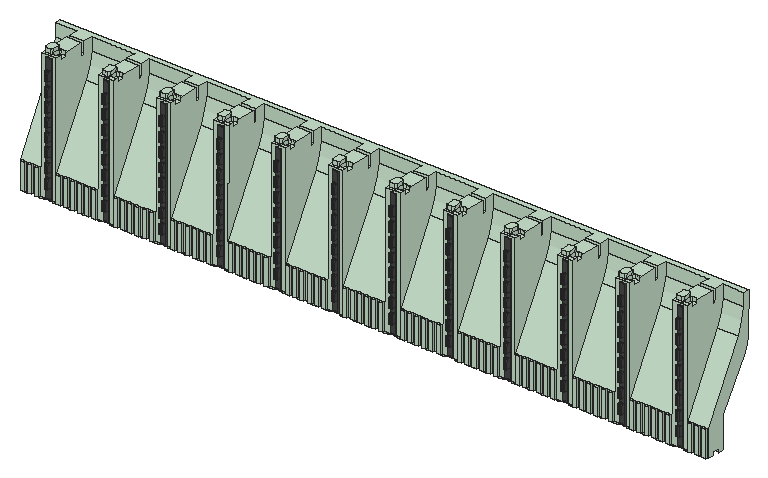
Revit family
Reference planes
  plane 1 "Center (Front/Back)": y = 0
  plane 2: z = 0
  plane 3 "Center (Left/Right)": x = 0
Forms (mm)
  Extrusion 1, void
    sketch origin (2387.6, 0, 0) x (-1, 0, 0) y (0, -1, 0)
      loop
        arc (25.4, -124.411) -> (26.615, -128.147) -> (29.796, -130.453) r 6.35
        arc (29.796, -130.453) -> (38.1, -131.763) -> (46.404, -130.453) r 26.987
        arc (46.404, -130.453) -> (49.585, -128.147) -> (50.8, -124.411) r 6.35
        line (50.8, -124.411) -> (50.8, -101.014)
        arc (50.8, -101.014) -> (50.362, -98.696) -> (49.108, -96.698) r 6.35
        arc (49.108, -96.698) -> (48.795, -96.199) -> (48.685, -95.62) r 1.588
        line (48.685, -95.62) -> (48.685, -86.829) -> (44.346, -86.829) -> (44.346, -92.457)
        arc (44.346, -92.457) -> (43.786, -93.668) -> (42.5, -94.024) r 1.587
        arc (42.5, -94.024) -> (36.091, -93.737) -> (29.796, -94.972) r 26.988
        arc (29.796, -94.972) -> (26.615, -97.278) -> (25.4, -101.014) r 6.35
        line (25.4, -101.014) -> (25.4, -124.411)
    from 457.2 to 444.5
  Extrusion 2, void
    sketch origin (2184.4, 0, 0) x (-1, 0, 0) y (0, -1, 0)
      loop
        arc (25.4, -124.411) -> (26.615, -128.147) -> (29.796, -130.453) r 6.35
        arc (29.796, -130.453) -> (38.1, -131.763) -> (46.404, -130.453) r 26.987
        arc (46.404, -130.453) -> (49.585, -128.147) -> (50.8, -124.411) r 6.35
        line (50.8, -124.411) -> (50.8, -101.014)
        arc (50.8, -101.014) -> (50.362, -98.696) -> (49.108, -96.698) r 6.35
        arc (49.108, -96.698) -> (48.795, -96.199) -> (48.685, -95.62) r 1.588
        line (48.685, -95.62) -> (48.685, -86.829) -> (44.346, -86.829) -> (44.346, -92.457)
        arc (44.346, -92.457) -> (43.786, -93.668) -> (42.5, -94.024) r 1.587
        arc (42.5, -94.024) -> (36.091, -93.737) -> (29.796, -94.972) r 26.988
        arc (29.796, -94.972) -> (26.615, -97.278) -> (25.4, -101.014) r 6.35
        line (25.4, -101.014) -> (25.4, -124.411)
    from 457.2 to 444.5
  Extrusion 3, void
    sketch origin (1981.2, 0, 0) x (-1, 0, 0) y (0, -1, 0)
      loop
        arc (25.4, -124.411) -> (26.615, -128.147) -> (29.796, -130.453) r 6.35
        arc (29.796, -130.453) -> (38.1, -131.763) -> (46.404, -130.453) r 26.987
        arc (46.404, -130.453) -> (49.585, -128.147) -> (50.8, -124.411) r 6.35
        line (50.8, -124.411) -> (50.8, -101.014)
        arc (50.8, -101.014) -> (50.362, -98.696) -> (49.108, -96.698) r 6.35
        arc (49.108, -96.698) -> (48.795, -96.199) -> (48.685, -95.62) r 1.588
        line (48.685, -95.62) -> (48.685, -86.829) -> (44.346, -86.829) -> (44.346, -92.457)
        arc (44.346, -92.457) -> (43.786, -93.668) -> (42.5, -94.024) r 1.587
        arc (42.5, -94.024) -> (36.091, -93.737) -> (29.796, -94.972) r 26.988
        arc (29.796, -94.972) -> (26.615, -97.278) -> (25.4, -101.014) r 6.35
        line (25.4, -101.014) -> (25.4, -124.411)
    from 457.2 to 444.5
  Extrusion 4, void
    sketch origin (1778, 0, 0) x (-1, 0, 0) y (0, -1, 0)
      loop
        arc (25.4, -124.411) -> (26.615, -128.147) -> (29.796, -130.453) r 6.35
        arc (29.796, -130.453) -> (38.1, -131.763) -> (46.404, -130.453) r 26.987
        arc (46.404, -130.453) -> (49.585, -128.147) -> (50.8, -124.411) r 6.35
        line (50.8, -124.411) -> (50.8, -101.014)
        arc (50.8, -101.014) -> (50.362, -98.696) -> (49.108, -96.698) r 6.35
        arc (49.108, -96.698) -> (48.795, -96.199) -> (48.685, -95.62) r 1.588
        line (48.685, -95.62) -> (48.685, -86.829) -> (44.346, -86.829) -> (44.346, -92.457)
        arc (44.346, -92.457) -> (43.786, -93.668) -> (42.5, -94.024) r 1.587
        arc (42.5, -94.024) -> (36.091, -93.737) -> (29.796, -94.972) r 26.988
        arc (29.796, -94.972) -> (26.615, -97.278) -> (25.4, -101.014) r 6.35
        line (25.4, -101.014) -> (25.4, -124.411)
    from 457.2 to 444.5
  Extrusion 5, void
    sketch origin (1574.8, 0, 0) x (-1, 0, 0) y (0, -1, 0)
      loop
        arc (25.4, -124.411) -> (26.615, -128.147) -> (29.796, -130.453) r 6.35
        arc (29.796, -130.453) -> (38.1, -131.763) -> (46.404, -130.453) r 26.987
        arc (46.404, -130.453) -> (49.585, -128.147) -> (50.8, -124.411) r 6.35
        line (50.8, -124.411) -> (50.8, -101.014)
        arc (50.8, -101.014) -> (50.362, -98.696) -> (49.108, -96.698) r 6.35
        arc (49.108, -96.698) -> (48.795, -96.199) -> (48.685, -95.62) r 1.588
        line (48.685, -95.62) -> (48.685, -86.829) -> (44.346, -86.829) -> (44.346, -92.457)
        arc (44.346, -92.457) -> (43.786, -93.668) -> (42.5, -94.024) r 1.587
        arc (42.5, -94.024) -> (36.091, -93.737) -> (29.796, -94.972) r 26.988
        arc (29.796, -94.972) -> (26.615, -97.278) -> (25.4, -101.014) r 6.35
        line (25.4, -101.014) -> (25.4, -124.411)
    from 457.2 to 444.5
  Extrusion 6, void
    sketch origin (1371.6, 0, 0) x (-1, 0, 0) y (0, -1, 0)
      loop
        arc (25.4, -124.411) -> (26.615, -128.147) -> (29.796, -130.453) r 6.35
        arc (29.796, -130.453) -> (38.1, -131.763) -> (46.404, -130.453) r 26.987
        arc (46.404, -130.453) -> (49.585, -128.147) -> (50.8, -124.411) r 6.35
        line (50.8, -124.411) -> (50.8, -101.014)
        arc (50.8, -101.014) -> (50.362, -98.696) -> (49.108, -96.698) r 6.35
        arc (49.108, -96.698) -> (48.795, -96.199) -> (48.685, -95.62) r 1.588
        line (48.685, -95.62) -> (48.685, -86.829) -> (44.346, -86.829) -> (44.346, -92.457)
        arc (44.346, -92.457) -> (43.786, -93.668) -> (42.5, -94.024) r 1.587
        arc (42.5, -94.024) -> (36.091, -93.737) -> (29.796, -94.972) r 26.988
        arc (29.796, -94.972) -> (26.615, -97.278) -> (25.4, -101.014) r 6.35
        line (25.4, -101.014) -> (25.4, -124.411)
    from 457.2 to 444.5
  Extrusion 7, void
    sketch origin (1168.4, 0, 0) x (-1, 0, 0) y (0, -1, 0)
      loop
        arc (25.4, -124.411) -> (26.615, -128.147) -> (29.796, -130.453) r 6.35
        arc (29.796, -130.453) -> (38.1, -131.763) -> (46.404, -130.453) r 26.987
        arc (46.404, -130.453) -> (49.585, -128.147) -> (50.8, -124.411) r 6.35
        line (50.8, -124.411) -> (50.8, -101.014)
        arc (50.8, -101.014) -> (50.362, -98.696) -> (49.108, -96.698) r 6.35
        arc (49.108, -96.698) -> (48.795, -96.199) -> (48.685, -95.62) r 1.588
        line (48.685, -95.62) -> (48.685, -86.829) -> (44.346, -86.829) -> (44.346, -92.457)
        arc (44.346, -92.457) -> (43.786, -93.668) -> (42.5, -94.024) r 1.587
        arc (42.5, -94.024) -> (36.091, -93.737) -> (29.796, -94.972) r 26.988
        arc (29.796, -94.972) -> (26.615, -97.278) -> (25.4, -101.014) r 6.35
        line (25.4, -101.014) -> (25.4, -124.411)
    from 457.2 to 444.5
  Extrusion 8, void
    sketch origin (965.2, 0, 0) x (-1, 0, 0) y (0, -1, 0)
      loop
        arc (25.4, -124.411) -> (26.615, -128.147) -> (29.796, -130.453) r 6.35
        arc (29.796, -130.453) -> (38.1, -131.763) -> (46.404, -130.453) r 26.987
        arc (46.404, -130.453) -> (49.585, -128.147) -> (50.8, -124.411) r 6.35
        line (50.8, -124.411) -> (50.8, -101.014)
        arc (50.8, -101.014) -> (50.362, -98.696) -> (49.108, -96.698) r 6.35
        arc (49.108, -96.698) -> (48.795, -96.199) -> (48.685, -95.62) r 1.588
        line (48.685, -95.62) -> (48.685, -86.829) -> (44.346, -86.829) -> (44.346, -92.457)
        arc (44.346, -92.457) -> (43.786, -93.668) -> (42.5, -94.024) r 1.587
        arc (42.5, -94.024) -> (36.091, -93.737) -> (29.796, -94.972) r 26.988
        arc (29.796, -94.972) -> (26.615, -97.278) -> (25.4, -101.014) r 6.35
        line (25.4, -101.014) -> (25.4, -124.411)
    from 457.2 to 444.5
  Extrusion 9, void
    sketch origin (762, 0, 0) x (-1, 0, 0) y (0, -1, 0)
      loop
        arc (25.4, -124.411) -> (26.615, -128.147) -> (29.796, -130.453) r 6.35
        arc (29.796, -130.453) -> (38.1, -131.763) -> (46.404, -130.453) r 26.987
        arc (46.404, -130.453) -> (49.585, -128.147) -> (50.8, -124.411) r 6.35
        line (50.8, -124.411) -> (50.8, -101.014)
        arc (50.8, -101.014) -> (50.362, -98.696) -> (49.108, -96.698) r 6.35
        arc (49.108, -96.698) -> (48.795, -96.199) -> (48.685, -95.62) r 1.588
        line (48.685, -95.62) -> (48.685, -86.829) -> (44.346, -86.829) -> (44.346, -92.457)
        arc (44.346, -92.457) -> (43.786, -93.668) -> (42.5, -94.024) r 1.587
        arc (42.5, -94.024) -> (36.091, -93.737) -> (29.796, -94.972) r 26.988
        arc (29.796, -94.972) -> (26.615, -97.278) -> (25.4, -101.014) r 6.35
        line (25.4, -101.014) -> (25.4, -124.411)
    from 457.2 to 444.5
  Extrusion 10, void
    sketch origin (558.8, 0, 0) x (-1, 0, 0) y (0, -1, 0)
      loop
        arc (25.4, -124.411) -> (26.615, -128.147) -> (29.796, -130.453) r 6.35
        arc (29.796, -130.453) -> (38.1, -131.763) -> (46.404, -130.453) r 26.987
        arc (46.404, -130.453) -> (49.585, -128.147) -> (50.8, -124.411) r 6.35
        line (50.8, -124.411) -> (50.8, -101.014)
        arc (50.8, -101.014) -> (50.362, -98.696) -> (49.108, -96.698) r 6.35
        arc (49.108, -96.698) -> (48.795, -96.199) -> (48.685, -95.62) r 1.588
        line (48.685, -95.62) -> (48.685, -86.829) -> (44.346, -86.829) -> (44.346, -92.457)
        arc (44.346, -92.457) -> (43.786, -93.668) -> (42.5, -94.024) r 1.587
        arc (42.5, -94.024) -> (36.091, -93.737) -> (29.796, -94.972) r 26.988
        arc (29.796, -94.972) -> (26.615, -97.278) -> (25.4, -101.014) r 6.35
        line (25.4, -101.014) -> (25.4, -124.411)
    from 457.2 to 444.5
  Extrusion 11, void
    sketch origin (355.6, 0, 0) x (-1, 0, 0) y (0, -1, 0)
      loop
        arc (25.4, -124.411) -> (26.615, -128.147) -> (29.796, -130.453) r 6.35
        arc (29.796, -130.453) -> (38.1, -131.763) -> (46.404, -130.453) r 26.987
        arc (46.404, -130.453) -> (49.585, -128.147) -> (50.8, -124.411) r 6.35
        line (50.8, -124.411) -> (50.8, -101.014)
        arc (50.8, -101.014) -> (50.362, -98.696) -> (49.108, -96.698) r 6.35
        arc (49.108, -96.698) -> (48.795, -96.199) -> (48.685, -95.62) r 1.588
        line (48.685, -95.62) -> (48.685, -86.829) -> (44.346, -86.829) -> (44.346, -92.457)
        arc (44.346, -92.457) -> (43.786, -93.668) -> (42.5, -94.024) r 1.587
        arc (42.5, -94.024) -> (36.091, -93.737) -> (29.796, -94.972) r 26.988
        arc (29.796, -94.972) -> (26.615, -97.278) -> (25.4, -101.014) r 6.35
        line (25.4, -101.014) -> (25.4, -124.411)
    from 457.2 to 444.5
  Extrusion 12, void
    sketch origin (152.4, 0, 0) x (-1, 0, 0) y (0, -1, 0)
      loop
        arc (25.4, -124.411) -> (26.615, -128.147) -> (29.796, -130.453) r 6.35
        arc (29.796, -130.453) -> (38.1, -131.763) -> (46.404, -130.453) r 26.987
        arc (46.404, -130.453) -> (49.585, -128.147) -> (50.8, -124.411) r 6.35
        line (50.8, -124.411) -> (50.8, -101.014)
        arc (50.8, -101.014) -> (50.362, -98.696) -> (49.108, -96.698) r 6.35
        arc (49.108, -96.698) -> (48.795, -96.199) -> (48.685, -95.62) r 1.588
        line (48.685, -95.62) -> (48.685, -86.829) -> (44.346, -86.829) -> (44.346, -92.457)
        arc (44.346, -92.457) -> (43.786, -93.668) -> (42.5, -94.024) r 1.587
        arc (42.5, -94.024) -> (36.091, -93.737) -> (29.796, -94.972) r 26.988
        arc (29.796, -94.972) -> (26.615, -97.278) -> (25.4, -101.014) r 6.35
        line (25.4, -101.014) -> (25.4, -124.411)
    from 457.2 to 444.5
  Extrusion 13, void
    sketch origin (2387.6, 0, 0) x (1, 0, 0) y (0, 1, 0)
      loop
        line (25.4, 124.411) -> (25.4, 101.014)
        arc (25.4, 101.014) -> (26.615, 97.278) -> (29.796, 94.972) r 6.35
        arc (29.796, 94.972) -> (36.091, 93.737) -> (42.5, 94.024) r 26.988
        arc (42.5, 94.024) -> (43.786, 93.668) -> (44.346, 92.457) r 1.587
        line (44.346, 92.457) -> (44.346, 86.829) -> (48.685, 86.829) -> (48.685, 95.62)
        arc (48.685, 95.62) -> (48.795, 96.199) -> (49.108, 96.698) r 1.588
        arc (49.108, 96.698) -> (50.362, 98.696) -> (50.8, 101.014) r 6.35
        line (50.8, 101.014) -> (50.8, 124.411)
        arc (50.8, 124.411) -> (49.585, 128.147) -> (46.404, 130.453) r 6.35
        arc (46.404, 130.453) -> (38.1, 131.763) -> (29.796, 130.453) r 26.987
        arc (29.796, 130.453) -> (26.615, 128.147) -> (25.4, 124.411) r 6.35
    from 0 to 12.7
  Extrusion 14, void
    sketch origin (2336.8, 0, 0) x (1, 0, 0) y (0, 1, 0)
      loop
        line (25.4, 124.411) -> (25.4, 101.014)
        arc (25.4, 101.014) -> (26.615, 97.278) -> (29.796, 94.972) r 6.35
        arc (29.796, 94.972) -> (36.091, 93.737) -> (42.5, 94.024) r 26.988
        arc (42.5, 94.024) -> (43.786, 93.668) -> (44.346, 92.457) r 1.587
        line (44.346, 92.457) -> (44.346, 86.829) -> (48.685, 86.829) -> (48.685, 95.62)
        arc (48.685, 95.62) -> (48.795, 96.199) -> (49.108, 96.698) r 1.588
        arc (49.108, 96.698) -> (50.362, 98.696) -> (50.8, 101.014) r 6.35
        line (50.8, 101.014) -> (50.8, 124.411)
        arc (50.8, 124.411) -> (49.585, 128.147) -> (46.404, 130.453) r 6.35
        arc (46.404, 130.453) -> (38.1, 131.763) -> (29.796, 130.453) r 26.987
        arc (29.796, 130.453) -> (26.615, 128.147) -> (25.4, 124.411) r 6.35
    from 0 to 12.7
  Extrusion 15, void
    sketch origin (2286, 0, 0) x (1, 0, 0) y (0, 1, 0)
      loop
        line (25.4, 124.411) -> (25.4, 101.014)
        arc (25.4, 101.014) -> (26.615, 97.278) -> (29.796, 94.972) r 6.35
        arc (29.796, 94.972) -> (36.091, 93.737) -> (42.5, 94.024) r 26.988
        arc (42.5, 94.024) -> (43.786, 93.668) -> (44.346, 92.457) r 1.587
        line (44.346, 92.457) -> (44.346, 86.829) -> (48.685, 86.829) -> (48.685, 95.62)
        arc (48.685, 95.62) -> (48.795, 96.199) -> (49.108, 96.698) r 1.588
        arc (49.108, 96.698) -> (50.362, 98.696) -> (50.8, 101.014) r 6.35
        line (50.8, 101.014) -> (50.8, 124.411)
        arc (50.8, 124.411) -> (49.585, 128.147) -> (46.404, 130.453) r 6.35
        arc (46.404, 130.453) -> (38.1, 131.763) -> (29.796, 130.453) r 26.987
        arc (29.796, 130.453) -> (26.615, 128.147) -> (25.4, 124.411) r 6.35
    from 0 to 12.7
  Extrusion 16, void
    sketch origin (2235.2, 0, 0) x (1, 0, 0) y (0, 1, 0)
      loop
        line (25.4, 124.411) -> (25.4, 101.014)
        arc (25.4, 101.014) -> (26.615, 97.278) -> (29.796, 94.972) r 6.35
        arc (29.796, 94.972) -> (36.091, 93.737) -> (42.5, 94.024) r 26.988
        arc (42.5, 94.024) -> (43.786, 93.668) -> (44.346, 92.457) r 1.587
        line (44.346, 92.457) -> (44.346, 86.829) -> (48.685, 86.829) -> (48.685, 95.62)
        arc (48.685, 95.62) -> (48.795, 96.199) -> (49.108, 96.698) r 1.588
        arc (49.108, 96.698) -> (50.362, 98.696) -> (50.8, 101.014) r 6.35
        line (50.8, 101.014) -> (50.8, 124.411)
        arc (50.8, 124.411) -> (49.585, 128.147) -> (46.404, 130.453) r 6.35
        arc (46.404, 130.453) -> (38.1, 131.763) -> (29.796, 130.453) r 26.987
        arc (29.796, 130.453) -> (26.615, 128.147) -> (25.4, 124.411) r 6.35
    from 0 to 12.7
  Extrusion 17, void
    sketch origin (2184.4, 0, 0) x (1, 0, 0) y (0, 1, 0)
      loop
        line (25.4, 124.411) -> (25.4, 101.014)
        arc (25.4, 101.014) -> (26.615, 97.278) -> (29.796, 94.972) r 6.35
        arc (29.796, 94.972) -> (36.091, 93.737) -> (42.5, 94.024) r 26.988
        arc (42.5, 94.024) -> (43.786, 93.668) -> (44.346, 92.457) r 1.587
        line (44.346, 92.457) -> (44.346, 86.829) -> (48.685, 86.829) -> (48.685, 95.62)
        arc (48.685, 95.62) -> (48.795, 96.199) -> (49.108, 96.698) r 1.588
        arc (49.108, 96.698) -> (50.362, 98.696) -> (50.8, 101.014) r 6.35
        line (50.8, 101.014) -> (50.8, 124.411)
        arc (50.8, 124.411) -> (49.585, 128.147) -> (46.404, 130.453) r 6.35
        arc (46.404, 130.453) -> (38.1, 131.763) -> (29.796, 130.453) r 26.987
        arc (29.796, 130.453) -> (26.615, 128.147) -> (25.4, 124.411) r 6.35
    from 0 to 12.7
  Extrusion 18, void
    sketch origin (2133.6, 0, 0) x (1, 0, 0) y (0, 1, 0)
      loop
        line (25.4, 124.411) -> (25.4, 101.014)
        arc (25.4, 101.014) -> (26.615, 97.278) -> (29.796, 94.972) r 6.35
        arc (29.796, 94.972) -> (36.091, 93.737) -> (42.5, 94.024) r 26.988
        arc (42.5, 94.024) -> (43.786, 93.668) -> (44.346, 92.457) r 1.587
        line (44.346, 92.457) -> (44.346, 86.829) -> (48.685, 86.829) -> (48.685, 95.62)
        arc (48.685, 95.62) -> (48.795, 96.199) -> (49.108, 96.698) r 1.588
        arc (49.108, 96.698) -> (50.362, 98.696) -> (50.8, 101.014) r 6.35
        line (50.8, 101.014) -> (50.8, 124.411)
        arc (50.8, 124.411) -> (49.585, 128.147) -> (46.404, 130.453) r 6.35
        arc (46.404, 130.453) -> (38.1, 131.763) -> (29.796, 130.453) r 26.987
        arc (29.796, 130.453) -> (26.615, 128.147) -> (25.4, 124.411) r 6.35
    from 0 to 12.7
  Extrusion 19, void
    sketch origin (2082.8, 0, 0) x (1, 0, 0) y (0, 1, 0)
      loop
        line (25.4, 124.411) -> (25.4, 101.014)
        arc (25.4, 101.014) -> (26.615, 97.278) -> (29.796, 94.972) r 6.35
        arc (29.796, 94.972) -> (36.091, 93.737) -> (42.5, 94.024) r 26.988
        arc (42.5, 94.024) -> (43.786, 93.668) -> (44.346, 92.457) r 1.587
        line (44.346, 92.457) -> (44.346, 86.829) -> (48.685, 86.829) -> (48.685, 95.62)
        arc (48.685, 95.62) -> (48.795, 96.199) -> (49.108, 96.698) r 1.588
        arc (49.108, 96.698) -> (50.362, 98.696) -> (50.8, 101.014) r 6.35
        line (50.8, 101.014) -> (50.8, 124.411)
        arc (50.8, 124.411) -> (49.585, 128.147) -> (46.404, 130.453) r 6.35
        arc (46.404, 130.453) -> (38.1, 131.763) -> (29.796, 130.453) r 26.987
        arc (29.796, 130.453) -> (26.615, 128.147) -> (25.4, 124.411) r 6.35
    from 0 to 12.7
  Extrusion 20, void
    sketch origin (2032, 0, 0) x (1, 0, 0) y (0, 1, 0)
      loop
        line (25.4, 124.411) -> (25.4, 101.014)
        arc (25.4, 101.014) -> (26.615, 97.278) -> (29.796, 94.972) r 6.35
        arc (29.796, 94.972) -> (36.091, 93.737) -> (42.5, 94.024) r 26.988
        arc (42.5, 94.024) -> (43.786, 93.668) -> (44.346, 92.457) r 1.587
        line (44.346, 92.457) -> (44.346, 86.829) -> (48.685, 86.829) -> (48.685, 95.62)
        arc (48.685, 95.62) -> (48.795, 96.199) -> (49.108, 96.698) r 1.588
        arc (49.108, 96.698) -> (50.362, 98.696) -> (50.8, 101.014) r 6.35
        line (50.8, 101.014) -> (50.8, 124.411)
        arc (50.8, 124.411) -> (49.585, 128.147) -> (46.404, 130.453) r 6.35
        arc (46.404, 130.453) -> (38.1, 131.763) -> (29.796, 130.453) r 26.987
        arc (29.796, 130.453) -> (26.615, 128.147) -> (25.4, 124.411) r 6.35
    from 0 to 12.7
  Extrusion 21, void
    sketch origin (1981.2, 0, 0) x (1, 0, 0) y (0, 1, 0)
      loop
        line (25.4, 124.411) -> (25.4, 101.014)
        arc (25.4, 101.014) -> (26.615, 97.278) -> (29.796, 94.972) r 6.35
        arc (29.796, 94.972) -> (36.091, 93.737) -> (42.5, 94.024) r 26.988
        arc (42.5, 94.024) -> (43.786, 93.668) -> (44.346, 92.457) r 1.587
        line (44.346, 92.457) -> (44.346, 86.829) -> (48.685, 86.829) -> (48.685, 95.62)
        arc (48.685, 95.62) -> (48.795, 96.199) -> (49.108, 96.698) r 1.588
        arc (49.108, 96.698) -> (50.362, 98.696) -> (50.8, 101.014) r 6.35
        line (50.8, 101.014) -> (50.8, 124.411)
        arc (50.8, 124.411) -> (49.585, 128.147) -> (46.404, 130.453) r 6.35
        arc (46.404, 130.453) -> (38.1, 131.763) -> (29.796, 130.453) r 26.987
        arc (29.796, 130.453) -> (26.615, 128.147) -> (25.4, 124.411) r 6.35
    from 0 to 12.7
  Extrusion 22, void
    sketch origin (1930.4, 0, 0) x (1, 0, 0) y (0, 1, 0)
      loop
        line (25.4, 124.411) -> (25.4, 101.014)
        arc (25.4, 101.014) -> (26.615, 97.278) -> (29.796, 94.972) r 6.35
        arc (29.796, 94.972) -> (36.091, 93.737) -> (42.5, 94.024) r 26.988
        arc (42.5, 94.024) -> (43.786, 93.668) -> (44.346, 92.457) r 1.587
        line (44.346, 92.457) -> (44.346, 86.829) -> (48.685, 86.829) -> (48.685, 95.62)
        arc (48.685, 95.62) -> (48.795, 96.199) -> (49.108, 96.698) r 1.588
        arc (49.108, 96.698) -> (50.362, 98.696) -> (50.8, 101.014) r 6.35
        line (50.8, 101.014) -> (50.8, 124.411)
        arc (50.8, 124.411) -> (49.585, 128.147) -> (46.404, 130.453) r 6.35
        arc (46.404, 130.453) -> (38.1, 131.763) -> (29.796, 130.453) r 26.987
        arc (29.796, 130.453) -> (26.615, 128.147) -> (25.4, 124.411) r 6.35
    from 0 to 12.7
  Extrusion 23, void
    sketch origin (1879.6, 0, 0) x (1, 0, 0) y (0, 1, 0)
      loop
        line (25.4, 124.411) -> (25.4, 101.014)
        arc (25.4, 101.014) -> (26.615, 97.278) -> (29.796, 94.972) r 6.35
        arc (29.796, 94.972) -> (36.091, 93.737) -> (42.5, 94.024) r 26.988
        arc (42.5, 94.024) -> (43.786, 93.668) -> (44.346, 92.457) r 1.587
        line (44.346, 92.457) -> (44.346, 86.829) -> (48.685, 86.829) -> (48.685, 95.62)
        arc (48.685, 95.62) -> (48.795, 96.199) -> (49.108, 96.698) r 1.588
        arc (49.108, 96.698) -> (50.362, 98.696) -> (50.8, 101.014) r 6.35
        line (50.8, 101.014) -> (50.8, 124.411)
        arc (50.8, 124.411) -> (49.585, 128.147) -> (46.404, 130.453) r 6.35
        arc (46.404, 130.453) -> (38.1, 131.763) -> (29.796, 130.453) r 26.987
        arc (29.796, 130.453) -> (26.615, 128.147) -> (25.4, 124.411) r 6.35
    from 0 to 12.7
  Extrusion 24, void
    sketch origin (1828.8, 0, 0) x (1, 0, 0) y (0, 1, 0)
      loop
        line (25.4, 124.411) -> (25.4, 101.014)
        arc (25.4, 101.014) -> (26.615, 97.278) -> (29.796, 94.972) r 6.35
        arc (29.796, 94.972) -> (36.091, 93.737) -> (42.5, 94.024) r 26.988
        arc (42.5, 94.024) -> (43.786, 93.668) -> (44.346, 92.457) r 1.587
        line (44.346, 92.457) -> (44.346, 86.829) -> (48.685, 86.829) -> (48.685, 95.62)
        arc (48.685, 95.62) -> (48.795, 96.199) -> (49.108, 96.698) r 1.588
        arc (49.108, 96.698) -> (50.362, 98.696) -> (50.8, 101.014) r 6.35
        line (50.8, 101.014) -> (50.8, 124.411)
        arc (50.8, 124.411) -> (49.585, 128.147) -> (46.404, 130.453) r 6.35
        arc (46.404, 130.453) -> (38.1, 131.763) -> (29.796, 130.453) r 26.987
        arc (29.796, 130.453) -> (26.615, 128.147) -> (25.4, 124.411) r 6.35
    from 0 to 12.7
  Extrusion 25, void
    sketch origin (1778, 0, 0) x (1, 0, 0) y (0, 1, 0)
      loop
        line (25.4, 124.411) -> (25.4, 101.014)
        arc (25.4, 101.014) -> (26.615, 97.278) -> (29.796, 94.972) r 6.35
        arc (29.796, 94.972) -> (36.091, 93.737) -> (42.5, 94.024) r 26.988
        arc (42.5, 94.024) -> (43.786, 93.668) -> (44.346, 92.457) r 1.587
        line (44.346, 92.457) -> (44.346, 86.829) -> (48.685, 86.829) -> (48.685, 95.62)
        arc (48.685, 95.62) -> (48.795, 96.199) -> (49.108, 96.698) r 1.588
        arc (49.108, 96.698) -> (50.362, 98.696) -> (50.8, 101.014) r 6.35
        line (50.8, 101.014) -> (50.8, 124.411)
        arc (50.8, 124.411) -> (49.585, 128.147) -> (46.404, 130.453) r 6.35
        arc (46.404, 130.453) -> (38.1, 131.763) -> (29.796, 130.453) r 26.987
        arc (29.796, 130.453) -> (26.615, 128.147) -> (25.4, 124.411) r 6.35
    from 0 to 12.7
  Extrusion 26, void
    sketch origin (1727.2, 0, 0) x (1, 0, 0) y (0, 1, 0)
      loop
        line (25.4, 124.411) -> (25.4, 101.014)
        arc (25.4, 101.014) -> (26.615, 97.278) -> (29.796, 94.972) r 6.35
        arc (29.796, 94.972) -> (36.091, 93.737) -> (42.5, 94.024) r 26.988
        arc (42.5, 94.024) -> (43.786, 93.668) -> (44.346, 92.457) r 1.587
        line (44.346, 92.457) -> (44.346, 86.829) -> (48.685, 86.829) -> (48.685, 95.62)
        arc (48.685, 95.62) -> (48.795, 96.199) -> (49.108, 96.698) r 1.588
        arc (49.108, 96.698) -> (50.362, 98.696) -> (50.8, 101.014) r 6.35
        line (50.8, 101.014) -> (50.8, 124.411)
        arc (50.8, 124.411) -> (49.585, 128.147) -> (46.404, 130.453) r 6.35
        arc (46.404, 130.453) -> (38.1, 131.763) -> (29.796, 130.453) r 26.987
        arc (29.796, 130.453) -> (26.615, 128.147) -> (25.4, 124.411) r 6.35
    from 0 to 12.7
  Extrusion 27, void
    sketch origin (1676.4, 0, 0) x (1, 0, 0) y (0, 1, 0)
      loop
        line (25.4, 124.411) -> (25.4, 101.014)
        arc (25.4, 101.014) -> (26.615, 97.278) -> (29.796, 94.972) r 6.35
        arc (29.796, 94.972) -> (36.091, 93.737) -> (42.5, 94.024) r 26.988
        arc (42.5, 94.024) -> (43.786, 93.668) -> (44.346, 92.457) r 1.587
        line (44.346, 92.457) -> (44.346, 86.829) -> (48.685, 86.829) -> (48.685, 95.62)
        arc (48.685, 95.62) -> (48.795, 96.199) -> (49.108, 96.698) r 1.588
        arc (49.108, 96.698) -> (50.362, 98.696) -> (50.8, 101.014) r 6.35
        line (50.8, 101.014) -> (50.8, 124.411)
        arc (50.8, 124.411) -> (49.585, 128.147) -> (46.404, 130.453) r 6.35
        arc (46.404, 130.453) -> (38.1, 131.763) -> (29.796, 130.453) r 26.987
        arc (29.796, 130.453) -> (26.615, 128.147) -> (25.4, 124.411) r 6.35
    from 0 to 12.7
  Extrusion 28, void
    sketch origin (1625.6, 0, 0) x (1, 0, 0) y (0, 1, 0)
      loop
        line (25.4, 124.411) -> (25.4, 101.014)
        arc (25.4, 101.014) -> (26.615, 97.278) -> (29.796, 94.972) r 6.35
        arc (29.796, 94.972) -> (36.091, 93.737) -> (42.5, 94.024) r 26.988
        arc (42.5, 94.024) -> (43.786, 93.668) -> (44.346, 92.457) r 1.587
        line (44.346, 92.457) -> (44.346, 86.829) -> (48.685, 86.829) -> (48.685, 95.62)
        arc (48.685, 95.62) -> (48.795, 96.199) -> (49.108, 96.698) r 1.588
        arc (49.108, 96.698) -> (50.362, 98.696) -> (50.8, 101.014) r 6.35
        line (50.8, 101.014) -> (50.8, 124.411)
        arc (50.8, 124.411) -> (49.585, 128.147) -> (46.404, 130.453) r 6.35
        arc (46.404, 130.453) -> (38.1, 131.763) -> (29.796, 130.453) r 26.987
        arc (29.796, 130.453) -> (26.615, 128.147) -> (25.4, 124.411) r 6.35
    from 0 to 12.7
  Extrusion 29, void
    sketch origin (1574.8, 0, 0) x (1, 0, 0) y (0, 1, 0)
      loop
        line (25.4, 124.411) -> (25.4, 101.014)
        arc (25.4, 101.014) -> (26.615, 97.278) -> (29.796, 94.972) r 6.35
        arc (29.796, 94.972) -> (36.091, 93.737) -> (42.5, 94.024) r 26.988
        arc (42.5, 94.024) -> (43.786, 93.668) -> (44.346, 92.457) r 1.587
        line (44.346, 92.457) -> (44.346, 86.829) -> (48.685, 86.829) -> (48.685, 95.62)
        arc (48.685, 95.62) -> (48.795, 96.199) -> (49.108, 96.698) r 1.588
        arc (49.108, 96.698) -> (50.362, 98.696) -> (50.8, 101.014) r 6.35
        line (50.8, 101.014) -> (50.8, 124.411)
        arc (50.8, 124.411) -> (49.585, 128.147) -> (46.404, 130.453) r 6.35
        arc (46.404, 130.453) -> (38.1, 131.763) -> (29.796, 130.453) r 26.987
        arc (29.796, 130.453) -> (26.615, 128.147) -> (25.4, 124.411) r 6.35
    from 0 to 12.7
  Extrusion 30, void
    sketch origin (1524, 0, 0) x (1, 0, 0) y (0, 1, 0)
      loop
        line (25.4, 124.411) -> (25.4, 101.014)
        arc (25.4, 101.014) -> (26.615, 97.278) -> (29.796, 94.972) r 6.35
        arc (29.796, 94.972) -> (36.091, 93.737) -> (42.5, 94.024) r 26.988
        arc (42.5, 94.024) -> (43.786, 93.668) -> (44.346, 92.457) r 1.587
        line (44.346, 92.457) -> (44.346, 86.829) -> (48.685, 86.829) -> (48.685, 95.62)
        arc (48.685, 95.62) -> (48.795, 96.199) -> (49.108, 96.698) r 1.588
        arc (49.108, 96.698) -> (50.362, 98.696) -> (50.8, 101.014) r 6.35
        line (50.8, 101.014) -> (50.8, 124.411)
        arc (50.8, 124.411) -> (49.585, 128.147) -> (46.404, 130.453) r 6.35
        arc (46.404, 130.453) -> (38.1, 131.763) -> (29.796, 130.453) r 26.987
        arc (29.796, 130.453) -> (26.615, 128.147) -> (25.4, 124.411) r 6.35
    from 0 to 12.7
  Extrusion 31, void
    sketch origin (1473.2, 0, 0) x (1, 0, 0) y (0, 1, 0)
      loop
        line (25.4, 124.411) -> (25.4, 101.014)
        arc (25.4, 101.014) -> (26.615, 97.278) -> (29.796, 94.972) r 6.35
        arc (29.796, 94.972) -> (36.091, 93.737) -> (42.5, 94.024) r 26.988
        arc (42.5, 94.024) -> (43.786, 93.668) -> (44.346, 92.457) r 1.587
        line (44.346, 92.457) -> (44.346, 86.829) -> (48.685, 86.829) -> (48.685, 95.62)
        arc (48.685, 95.62) -> (48.795, 96.199) -> (49.108, 96.698) r 1.588
        arc (49.108, 96.698) -> (50.362, 98.696) -> (50.8, 101.014) r 6.35
        line (50.8, 101.014) -> (50.8, 124.411)
        arc (50.8, 124.411) -> (49.585, 128.147) -> (46.404, 130.453) r 6.35
        arc (46.404, 130.453) -> (38.1, 131.763) -> (29.796, 130.453) r 26.987
        arc (29.796, 130.453) -> (26.615, 128.147) -> (25.4, 124.411) r 6.35
    from 0 to 12.7
  Extrusion 32, void
    sketch origin (1422.4, 0, 0) x (1, 0, 0) y (0, 1, 0)
      loop
        line (25.4, 124.411) -> (25.4, 101.014)
        arc (25.4, 101.014) -> (26.615, 97.278) -> (29.796, 94.972) r 6.35
        arc (29.796, 94.972) -> (36.091, 93.737) -> (42.5, 94.024) r 26.988
        arc (42.5, 94.024) -> (43.786, 93.668) -> (44.346, 92.457) r 1.587
        line (44.346, 92.457) -> (44.346, 86.829) -> (48.685, 86.829) -> (48.685, 95.62)
        arc (48.685, 95.62) -> (48.795, 96.199) -> (49.108, 96.698) r 1.588
        arc (49.108, 96.698) -> (50.362, 98.696) -> (50.8, 101.014) r 6.35
        line (50.8, 101.014) -> (50.8, 124.411)
        arc (50.8, 124.411) -> (49.585, 128.147) -> (46.404, 130.453) r 6.35
        arc (46.404, 130.453) -> (38.1, 131.763) -> (29.796, 130.453) r 26.987
        arc (29.796, 130.453) -> (26.615, 128.147) -> (25.4, 124.411) r 6.35
    from 0 to 12.7
  Extrusion 33, void
    sketch origin (1371.6, 0, 0) x (1, 0, 0) y (0, 1, 0)
      loop
        line (25.4, 124.411) -> (25.4, 101.014)
        arc (25.4, 101.014) -> (26.615, 97.278) -> (29.796, 94.972) r 6.35
        arc (29.796, 94.972) -> (36.091, 93.737) -> (42.5, 94.024) r 26.988
        arc (42.5, 94.024) -> (43.786, 93.668) -> (44.346, 92.457) r 1.587
        line (44.346, 92.457) -> (44.346, 86.829) -> (48.685, 86.829) -> (48.685, 95.62)
        arc (48.685, 95.62) -> (48.795, 96.199) -> (49.108, 96.698) r 1.588
        arc (49.108, 96.698) -> (50.362, 98.696) -> (50.8, 101.014) r 6.35
        line (50.8, 101.014) -> (50.8, 124.411)
        arc (50.8, 124.411) -> (49.585, 128.147) -> (46.404, 130.453) r 6.35
        arc (46.404, 130.453) -> (38.1, 131.763) -> (29.796, 130.453) r 26.987
        arc (29.796, 130.453) -> (26.615, 128.147) -> (25.4, 124.411) r 6.35
    from 0 to 12.7
  Extrusion 34, void
    sketch origin (1320.8, 0, 0) x (1, 0, 0) y (0, 1, 0)
      loop
        line (25.4, 124.411) -> (25.4, 101.014)
        arc (25.4, 101.014) -> (26.615, 97.278) -> (29.796, 94.972) r 6.35
        arc (29.796, 94.972) -> (36.091, 93.737) -> (42.5, 94.024) r 26.988
        arc (42.5, 94.024) -> (43.786, 93.668) -> (44.346, 92.457) r 1.587
        line (44.346, 92.457) -> (44.346, 86.829) -> (48.685, 86.829) -> (48.685, 95.62)
        arc (48.685, 95.62) -> (48.795, 96.199) -> (49.108, 96.698) r 1.588
        arc (49.108, 96.698) -> (50.362, 98.696) -> (50.8, 101.014) r 6.35
        line (50.8, 101.014) -> (50.8, 124.411)
        arc (50.8, 124.411) -> (49.585, 128.147) -> (46.404, 130.453) r 6.35
        arc (46.404, 130.453) -> (38.1, 131.763) -> (29.796, 130.453) r 26.987
        arc (29.796, 130.453) -> (26.615, 128.147) -> (25.4, 124.411) r 6.35
    from 0 to 12.7
  Extrusion 35, void
    sketch origin (1270, 0, 0) x (1, 0, 0) y (0, 1, 0)
      loop
        line (25.4, 124.411) -> (25.4, 101.014)
        arc (25.4, 101.014) -> (26.615, 97.278) -> (29.796, 94.972) r 6.35
        arc (29.796, 94.972) -> (36.091, 93.737) -> (42.5, 94.024) r 26.988
        arc (42.5, 94.024) -> (43.786, 93.668) -> (44.346, 92.457) r 1.587
        line (44.346, 92.457) -> (44.346, 86.829) -> (48.685, 86.829) -> (48.685, 95.62)
        arc (48.685, 95.62) -> (48.795, 96.199) -> (49.108, 96.698) r 1.588
        arc (49.108, 96.698) -> (50.362, 98.696) -> (50.8, 101.014) r 6.35
        line (50.8, 101.014) -> (50.8, 124.411)
        arc (50.8, 124.411) -> (49.585, 128.147) -> (46.404, 130.453) r 6.35
        arc (46.404, 130.453) -> (38.1, 131.763) -> (29.796, 130.453) r 26.987
        arc (29.796, 130.453) -> (26.615, 128.147) -> (25.4, 124.411) r 6.35
    from 0 to 12.7
  Extrusion 36, void
    sketch origin (1219.2, 0, 0) x (1, 0, 0) y (0, 1, 0)
      loop
        line (25.4, 124.411) -> (25.4, 101.014)
        arc (25.4, 101.014) -> (26.615, 97.278) -> (29.796, 94.972) r 6.35
        arc (29.796, 94.972) -> (36.091, 93.737) -> (42.5, 94.024) r 26.988
        arc (42.5, 94.024) -> (43.786, 93.668) -> (44.346, 92.457) r 1.587
        line (44.346, 92.457) -> (44.346, 86.829) -> (48.685, 86.829) -> (48.685, 95.62)
        arc (48.685, 95.62) -> (48.795, 96.199) -> (49.108, 96.698) r 1.588
        arc (49.108, 96.698) -> (50.362, 98.696) -> (50.8, 101.014) r 6.35
        line (50.8, 101.014) -> (50.8, 124.411)
        arc (50.8, 124.411) -> (49.585, 128.147) -> (46.404, 130.453) r 6.35
        arc (46.404, 130.453) -> (38.1, 131.763) -> (29.796, 130.453) r 26.987
        arc (29.796, 130.453) -> (26.615, 128.147) -> (25.4, 124.411) r 6.35
    from 0 to 12.7
  Extrusion 37, void
    sketch origin (1168.4, 0, 0) x (1, 0, 0) y (0, 1, 0)
      loop
        line (25.4, 124.411) -> (25.4, 101.014)
        arc (25.4, 101.014) -> (26.615, 97.278) -> (29.796, 94.972) r 6.35
        arc (29.796, 94.972) -> (36.091, 93.737) -> (42.5, 94.024) r 26.988
        arc (42.5, 94.024) -> (43.786, 93.668) -> (44.346, 92.457) r 1.587
        line (44.346, 92.457) -> (44.346, 86.829) -> (48.685, 86.829) -> (48.685, 95.62)
        arc (48.685, 95.62) -> (48.795, 96.199) -> (49.108, 96.698) r 1.588
        arc (49.108, 96.698) -> (50.362, 98.696) -> (50.8, 101.014) r 6.35
        line (50.8, 101.014) -> (50.8, 124.411)
        arc (50.8, 124.411) -> (49.585, 128.147) -> (46.404, 130.453) r 6.35
        arc (46.404, 130.453) -> (38.1, 131.763) -> (29.796, 130.453) r 26.987
        arc (29.796, 130.453) -> (26.615, 128.147) -> (25.4, 124.411) r 6.35
    from 0 to 12.7
  Extrusion 38, void
    sketch origin (1117.6, 0, 0) x (1, 0, 0) y (0, 1, 0)
      loop
        line (25.4, 124.411) -> (25.4, 101.014)
        arc (25.4, 101.014) -> (26.615, 97.278) -> (29.796, 94.972) r 6.35
        arc (29.796, 94.972) -> (36.091, 93.737) -> (42.5, 94.024) r 26.988
        arc (42.5, 94.024) -> (43.786, 93.668) -> (44.346, 92.457) r 1.587
        line (44.346, 92.457) -> (44.346, 86.829) -> (48.685, 86.829) -> (48.685, 95.62)
        arc (48.685, 95.62) -> (48.795, 96.199) -> (49.108, 96.698) r 1.588
        arc (49.108, 96.698) -> (50.362, 98.696) -> (50.8, 101.014) r 6.35
        line (50.8, 101.014) -> (50.8, 124.411)
        arc (50.8, 124.411) -> (49.585, 128.147) -> (46.404, 130.453) r 6.35
        arc (46.404, 130.453) -> (38.1, 131.763) -> (29.796, 130.453) r 26.987
        arc (29.796, 130.453) -> (26.615, 128.147) -> (25.4, 124.411) r 6.35
    from 0 to 12.7
  Extrusion 39, void
    sketch origin (1066.8, 0, 0) x (1, 0, 0) y (0, 1, 0)
      loop
        line (25.4, 124.411) -> (25.4, 101.014)
        arc (25.4, 101.014) -> (26.615, 97.278) -> (29.796, 94.972) r 6.35
        arc (29.796, 94.972) -> (36.091, 93.737) -> (42.5, 94.024) r 26.988
        arc (42.5, 94.024) -> (43.786, 93.668) -> (44.346, 92.457) r 1.587
        line (44.346, 92.457) -> (44.346, 86.829) -> (48.685, 86.829) -> (48.685, 95.62)
        arc (48.685, 95.62) -> (48.795, 96.199) -> (49.108, 96.698) r 1.588
        arc (49.108, 96.698) -> (50.362, 98.696) -> (50.8, 101.014) r 6.35
        line (50.8, 101.014) -> (50.8, 124.411)
        arc (50.8, 124.411) -> (49.585, 128.147) -> (46.404, 130.453) r 6.35
        arc (46.404, 130.453) -> (38.1, 131.763) -> (29.796, 130.453) r 26.987
        arc (29.796, 130.453) -> (26.615, 128.147) -> (25.4, 124.411) r 6.35
    from 0 to 12.7
  Extrusion 40, void
    sketch origin (1016, 0, 0) x (1, 0, 0) y (0, 1, 0)
      loop
        line (25.4, 124.411) -> (25.4, 101.014)
        arc (25.4, 101.014) -> (26.615, 97.278) -> (29.796, 94.972) r 6.35
        arc (29.796, 94.972) -> (36.091, 93.737) -> (42.5, 94.024) r 26.988
        arc (42.5, 94.024) -> (43.786, 93.668) -> (44.346, 92.457) r 1.587
        line (44.346, 92.457) -> (44.346, 86.829) -> (48.685, 86.829) -> (48.685, 95.62)
        arc (48.685, 95.62) -> (48.795, 96.199) -> (49.108, 96.698) r 1.588
        arc (49.108, 96.698) -> (50.362, 98.696) -> (50.8, 101.014) r 6.35
        line (50.8, 101.014) -> (50.8, 124.411)
        arc (50.8, 124.411) -> (49.585, 128.147) -> (46.404, 130.453) r 6.35
        arc (46.404, 130.453) -> (38.1, 131.763) -> (29.796, 130.453) r 26.987
        arc (29.796, 130.453) -> (26.615, 128.147) -> (25.4, 124.411) r 6.35
    from 0 to 12.7
  Extrusion 41, void
    sketch origin (965.2, 0, 0) x (1, 0, 0) y (0, 1, 0)
      loop
        line (25.4, 124.411) -> (25.4, 101.014)
        arc (25.4, 101.014) -> (26.615, 97.278) -> (29.796, 94.972) r 6.35
        arc (29.796, 94.972) -> (36.091, 93.737) -> (42.5, 94.024) r 26.988
        arc (42.5, 94.024) -> (43.786, 93.668) -> (44.346, 92.457) r 1.587
        line (44.346, 92.457) -> (44.346, 86.829) -> (48.685, 86.829) -> (48.685, 95.62)
        arc (48.685, 95.62) -> (48.795, 96.199) -> (49.108, 96.698) r 1.588
        arc (49.108, 96.698) -> (50.362, 98.696) -> (50.8, 101.014) r 6.35
        line (50.8, 101.014) -> (50.8, 124.411)
        arc (50.8, 124.411) -> (49.585, 128.147) -> (46.404, 130.453) r 6.35
        arc (46.404, 130.453) -> (38.1, 131.763) -> (29.796, 130.453) r 26.987
        arc (29.796, 130.453) -> (26.615, 128.147) -> (25.4, 124.411) r 6.35
    from 0 to 12.7
  Extrusion 42, void
    sketch origin (914.4, 0, 0) x (1, 0, 0) y (0, 1, 0)
      loop
        line (25.4, 124.411) -> (25.4, 101.014)
        arc (25.4, 101.014) -> (26.615, 97.278) -> (29.796, 94.972) r 6.35
        arc (29.796, 94.972) -> (36.091, 93.737) -> (42.5, 94.024) r 26.988
        arc (42.5, 94.024) -> (43.786, 93.668) -> (44.346, 92.457) r 1.587
        line (44.346, 92.457) -> (44.346, 86.829) -> (48.685, 86.829) -> (48.685, 95.62)
        arc (48.685, 95.62) -> (48.795, 96.199) -> (49.108, 96.698) r 1.588
        arc (49.108, 96.698) -> (50.362, 98.696) -> (50.8, 101.014) r 6.35
        line (50.8, 101.014) -> (50.8, 124.411)
        arc (50.8, 124.411) -> (49.585, 128.147) -> (46.404, 130.453) r 6.35
        arc (46.404, 130.453) -> (38.1, 131.763) -> (29.796, 130.453) r 26.987
        arc (29.796, 130.453) -> (26.615, 128.147) -> (25.4, 124.411) r 6.35
    from 0 to 12.7
  Extrusion 43, void
    sketch origin (863.6, 0, 0) x (1, 0, 0) y (0, 1, 0)
      loop
        line (25.4, 124.411) -> (25.4, 101.014)
        arc (25.4, 101.014) -> (26.615, 97.278) -> (29.796, 94.972) r 6.35
        arc (29.796, 94.972) -> (36.091, 93.737) -> (42.5, 94.024) r 26.988
        arc (42.5, 94.024) -> (43.786, 93.668) -> (44.346, 92.457) r 1.587
        line (44.346, 92.457) -> (44.346, 86.829) -> (48.685, 86.829) -> (48.685, 95.62)
        arc (48.685, 95.62) -> (48.795, 96.199) -> (49.108, 96.698) r 1.588
        arc (49.108, 96.698) -> (50.362, 98.696) -> (50.8, 101.014) r 6.35
        line (50.8, 101.014) -> (50.8, 124.411)
        arc (50.8, 124.411) -> (49.585, 128.147) -> (46.404, 130.453) r 6.35
        arc (46.404, 130.453) -> (38.1, 131.763) -> (29.796, 130.453) r 26.987
        arc (29.796, 130.453) -> (26.615, 128.147) -> (25.4, 124.411) r 6.35
    from 0 to 12.7
  Extrusion 44, void
    sketch origin (812.8, 0, 0) x (1, 0, 0) y (0, 1, 0)
      loop
        line (25.4, 124.411) -> (25.4, 101.014)
        arc (25.4, 101.014) -> (26.615, 97.278) -> (29.796, 94.972) r 6.35
        arc (29.796, 94.972) -> (36.091, 93.737) -> (42.5, 94.024) r 26.988
        arc (42.5, 94.024) -> (43.786, 93.668) -> (44.346, 92.457) r 1.587
        line (44.346, 92.457) -> (44.346, 86.829) -> (48.685, 86.829) -> (48.685, 95.62)
        arc (48.685, 95.62) -> (48.795, 96.199) -> (49.108, 96.698) r 1.588
        arc (49.108, 96.698) -> (50.362, 98.696) -> (50.8, 101.014) r 6.35
        line (50.8, 101.014) -> (50.8, 124.411)
        arc (50.8, 124.411) -> (49.585, 128.147) -> (46.404, 130.453) r 6.35
        arc (46.404, 130.453) -> (38.1, 131.763) -> (29.796, 130.453) r 26.987
        arc (29.796, 130.453) -> (26.615, 128.147) -> (25.4, 124.411) r 6.35
    from 0 to 12.7
  Extrusion 45, void
    sketch origin (762, 0, 0) x (1, 0, 0) y (0, 1, 0)
      loop
        line (25.4, 124.411) -> (25.4, 101.014)
        arc (25.4, 101.014) -> (26.615, 97.278) -> (29.796, 94.972) r 6.35
        arc (29.796, 94.972) -> (36.091, 93.737) -> (42.5, 94.024) r 26.988
        arc (42.5, 94.024) -> (43.786, 93.668) -> (44.346, 92.457) r 1.587
        line (44.346, 92.457) -> (44.346, 86.829) -> (48.685, 86.829) -> (48.685, 95.62)
        arc (48.685, 95.62) -> (48.795, 96.199) -> (49.108, 96.698) r 1.588
        arc (49.108, 96.698) -> (50.362, 98.696) -> (50.8, 101.014) r 6.35
        line (50.8, 101.014) -> (50.8, 124.411)
        arc (50.8, 124.411) -> (49.585, 128.147) -> (46.404, 130.453) r 6.35
        arc (46.404, 130.453) -> (38.1, 131.763) -> (29.796, 130.453) r 26.987
        arc (29.796, 130.453) -> (26.615, 128.147) -> (25.4, 124.411) r 6.35
    from 0 to 12.7
  Extrusion 46, void
    sketch origin (711.2, 0, 0) x (1, 0, 0) y (0, 1, 0)
      loop
        line (25.4, 124.411) -> (25.4, 101.014)
        arc (25.4, 101.014) -> (26.615, 97.278) -> (29.796, 94.972) r 6.35
        arc (29.796, 94.972) -> (36.091, 93.737) -> (42.5, 94.024) r 26.988
        arc (42.5, 94.024) -> (43.786, 93.668) -> (44.346, 92.457) r 1.587
        line (44.346, 92.457) -> (44.346, 86.829) -> (48.685, 86.829) -> (48.685, 95.62)
        arc (48.685, 95.62) -> (48.795, 96.199) -> (49.108, 96.698) r 1.588
        arc (49.108, 96.698) -> (50.362, 98.696) -> (50.8, 101.014) r 6.35
        line (50.8, 101.014) -> (50.8, 124.411)
        arc (50.8, 124.411) -> (49.585, 128.147) -> (46.404, 130.453) r 6.35
        arc (46.404, 130.453) -> (38.1, 131.763) -> (29.796, 130.453) r 26.987
        arc (29.796, 130.453) -> (26.615, 128.147) -> (25.4, 124.411) r 6.35
    from 0 to 12.7
  Extrusion 47, void
    sketch origin (660.4, 0, 0) x (1, 0, 0) y (0, 1, 0)
      loop
        line (25.4, 124.411) -> (25.4, 101.014)
        arc (25.4, 101.014) -> (26.615, 97.278) -> (29.796, 94.972) r 6.35
        arc (29.796, 94.972) -> (36.091, 93.737) -> (42.5, 94.024) r 26.988
        arc (42.5, 94.024) -> (43.786, 93.668) -> (44.346, 92.457) r 1.587
        line (44.346, 92.457) -> (44.346, 86.829) -> (48.685, 86.829) -> (48.685, 95.62)
        arc (48.685, 95.62) -> (48.795, 96.199) -> (49.108, 96.698) r 1.588
        arc (49.108, 96.698) -> (50.362, 98.696) -> (50.8, 101.014) r 6.35
        line (50.8, 101.014) -> (50.8, 124.411)
        arc (50.8, 124.411) -> (49.585, 128.147) -> (46.404, 130.453) r 6.35
        arc (46.404, 130.453) -> (38.1, 131.763) -> (29.796, 130.453) r 26.987
        arc (29.796, 130.453) -> (26.615, 128.147) -> (25.4, 124.411) r 6.35
    from 0 to 12.7
  Extrusion 48, void
    sketch origin (609.6, 0, 0) x (1, 0, 0) y (0, 1, 0)
      loop
        line (25.4, 124.411) -> (25.4, 101.014)
        arc (25.4, 101.014) -> (26.615, 97.278) -> (29.796, 94.972) r 6.35
        arc (29.796, 94.972) -> (36.091, 93.737) -> (42.5, 94.024) r 26.988
        arc (42.5, 94.024) -> (43.786, 93.668) -> (44.346, 92.457) r 1.587
        line (44.346, 92.457) -> (44.346, 86.829) -> (48.685, 86.829) -> (48.685, 95.62)
        arc (48.685, 95.62) -> (48.795, 96.199) -> (49.108, 96.698) r 1.588
        arc (49.108, 96.698) -> (50.362, 98.696) -> (50.8, 101.014) r 6.35
        line (50.8, 101.014) -> (50.8, 124.411)
        arc (50.8, 124.411) -> (49.585, 128.147) -> (46.404, 130.453) r 6.35
        arc (46.404, 130.453) -> (38.1, 131.763) -> (29.796, 130.453) r 26.987
        arc (29.796, 130.453) -> (26.615, 128.147) -> (25.4, 124.411) r 6.35
    from 0 to 12.7
  Extrusion 49, void
    sketch origin (558.8, 0, 0) x (1, 0, 0) y (0, 1, 0)
      loop
        line (25.4, 124.411) -> (25.4, 101.014)
        arc (25.4, 101.014) -> (26.615, 97.278) -> (29.796, 94.972) r 6.35
        arc (29.796, 94.972) -> (36.091, 93.737) -> (42.5, 94.024) r 26.988
        arc (42.5, 94.024) -> (43.786, 93.668) -> (44.346, 92.457) r 1.587
        line (44.346, 92.457) -> (44.346, 86.829) -> (48.685, 86.829) -> (48.685, 95.62)
        arc (48.685, 95.62) -> (48.795, 96.199) -> (49.108, 96.698) r 1.588
        arc (49.108, 96.698) -> (50.362, 98.696) -> (50.8, 101.014) r 6.35
        line (50.8, 101.014) -> (50.8, 124.411)
        arc (50.8, 124.411) -> (49.585, 128.147) -> (46.404, 130.453) r 6.35
        arc (46.404, 130.453) -> (38.1, 131.763) -> (29.796, 130.453) r 26.987
        arc (29.796, 130.453) -> (26.615, 128.147) -> (25.4, 124.411) r 6.35
    from 0 to 12.7
  Extrusion 50, void
    sketch origin (508, 0, 0) x (1, 0, 0) y (0, 1, 0)
      loop
        line (25.4, 124.411) -> (25.4, 101.014)
        arc (25.4, 101.014) -> (26.615, 97.278) -> (29.796, 94.972) r 6.35
        arc (29.796, 94.972) -> (36.091, 93.737) -> (42.5, 94.024) r 26.988
        arc (42.5, 94.024) -> (43.786, 93.668) -> (44.346, 92.457) r 1.587
        line (44.346, 92.457) -> (44.346, 86.829) -> (48.685, 86.829) -> (48.685, 95.62)
        arc (48.685, 95.62) -> (48.795, 96.199) -> (49.108, 96.698) r 1.588
        arc (49.108, 96.698) -> (50.362, 98.696) -> (50.8, 101.014) r 6.35
        line (50.8, 101.014) -> (50.8, 124.411)
        arc (50.8, 124.411) -> (49.585, 128.147) -> (46.404, 130.453) r 6.35
        arc (46.404, 130.453) -> (38.1, 131.763) -> (29.796, 130.453) r 26.987
        arc (29.796, 130.453) -> (26.615, 128.147) -> (25.4, 124.411) r 6.35
    from 0 to 12.7
  Extrusion 51, void
    sketch origin (457.2, 0, 0) x (1, 0, 0) y (0, 1, 0)
      loop
        line (25.4, 124.411) -> (25.4, 101.014)
        arc (25.4, 101.014) -> (26.615, 97.278) -> (29.796, 94.972) r 6.35
        arc (29.796, 94.972) -> (36.091, 93.737) -> (42.5, 94.024) r 26.988
        arc (42.5, 94.024) -> (43.786, 93.668) -> (44.346, 92.457) r 1.587
        line (44.346, 92.457) -> (44.346, 86.829) -> (48.685, 86.829) -> (48.685, 95.62)
        arc (48.685, 95.62) -> (48.795, 96.199) -> (49.108, 96.698) r 1.588
        arc (49.108, 96.698) -> (50.362, 98.696) -> (50.8, 101.014) r 6.35
        line (50.8, 101.014) -> (50.8, 124.411)
        arc (50.8, 124.411) -> (49.585, 128.147) -> (46.404, 130.453) r 6.35
        arc (46.404, 130.453) -> (38.1, 131.763) -> (29.796, 130.453) r 26.987
        arc (29.796, 130.453) -> (26.615, 128.147) -> (25.4, 124.411) r 6.35
    from 0 to 12.7
  Extrusion 52, void
    sketch origin (406.4, 0, 0) x (1, 0, 0) y (0, 1, 0)
      loop
        line (25.4, 124.411) -> (25.4, 101.014)
        arc (25.4, 101.014) -> (26.615, 97.278) -> (29.796, 94.972) r 6.35
        arc (29.796, 94.972) -> (36.091, 93.737) -> (42.5, 94.024) r 26.988
        arc (42.5, 94.024) -> (43.786, 93.668) -> (44.346, 92.457) r 1.587
        line (44.346, 92.457) -> (44.346, 86.829) -> (48.685, 86.829) -> (48.685, 95.62)
        arc (48.685, 95.62) -> (48.795, 96.199) -> (49.108, 96.698) r 1.588
        arc (49.108, 96.698) -> (50.362, 98.696) -> (50.8, 101.014) r 6.35
        line (50.8, 101.014) -> (50.8, 124.411)
        arc (50.8, 124.411) -> (49.585, 128.147) -> (46.404, 130.453) r 6.35
        arc (46.404, 130.453) -> (38.1, 131.763) -> (29.796, 130.453) r 26.987
        arc (29.796, 130.453) -> (26.615, 128.147) -> (25.4, 124.411) r 6.35
    from 0 to 12.7
  Extrusion 53, void
    sketch origin (355.6, 0, 0) x (1, 0, 0) y (0, 1, 0)
      loop
        line (25.4, 124.411) -> (25.4, 101.014)
        arc (25.4, 101.014) -> (26.615, 97.278) -> (29.796, 94.972) r 6.35
        arc (29.796, 94.972) -> (36.091, 93.737) -> (42.5, 94.024) r 26.988
        arc (42.5, 94.024) -> (43.786, 93.668) -> (44.346, 92.457) r 1.587
        line (44.346, 92.457) -> (44.346, 86.829) -> (48.685, 86.829) -> (48.685, 95.62)
        arc (48.685, 95.62) -> (48.795, 96.199) -> (49.108, 96.698) r 1.588
        arc (49.108, 96.698) -> (50.362, 98.696) -> (50.8, 101.014) r 6.35
        line (50.8, 101.014) -> (50.8, 124.411)
        arc (50.8, 124.411) -> (49.585, 128.147) -> (46.404, 130.453) r 6.35
        arc (46.404, 130.453) -> (38.1, 131.763) -> (29.796, 130.453) r 26.987
        arc (29.796, 130.453) -> (26.615, 128.147) -> (25.4, 124.411) r 6.35
    from 0 to 12.7
  Extrusion 54, void
    sketch origin (304.8, 0, 0) x (1, 0, 0) y (0, 1, 0)
      loop
        line (25.4, 124.411) -> (25.4, 101.014)
        arc (25.4, 101.014) -> (26.615, 97.278) -> (29.796, 94.972) r 6.35
        arc (29.796, 94.972) -> (36.091, 93.737) -> (42.5, 94.024) r 26.988
        arc (42.5, 94.024) -> (43.786, 93.668) -> (44.346, 92.457) r 1.587
        line (44.346, 92.457) -> (44.346, 86.829) -> (48.685, 86.829) -> (48.685, 95.62)
        arc (48.685, 95.62) -> (48.795, 96.199) -> (49.108, 96.698) r 1.588
        arc (49.108, 96.698) -> (50.362, 98.696) -> (50.8, 101.014) r 6.35
        line (50.8, 101.014) -> (50.8, 124.411)
        arc (50.8, 124.411) -> (49.585, 128.147) -> (46.404, 130.453) r 6.35
        arc (46.404, 130.453) -> (38.1, 131.763) -> (29.796, 130.453) r 26.987
        arc (29.796, 130.453) -> (26.615, 128.147) -> (25.4, 124.411) r 6.35
    from 0 to 12.7
  Extrusion 55, void
    sketch origin (254, 0, 0) x (1, 0, 0) y (0, 1, 0)
      loop
        line (25.4, 124.411) -> (25.4, 101.014)
        arc (25.4, 101.014) -> (26.615, 97.278) -> (29.796, 94.972) r 6.35
        arc (29.796, 94.972) -> (36.091, 93.737) -> (42.5, 94.024) r 26.988
        arc (42.5, 94.024) -> (43.786, 93.668) -> (44.346, 92.457) r 1.587
        line (44.346, 92.457) -> (44.346, 86.829) -> (48.685, 86.829) -> (48.685, 95.62)
        arc (48.685, 95.62) -> (48.795, 96.199) -> (49.108, 96.698) r 1.588
        arc (49.108, 96.698) -> (50.362, 98.696) -> (50.8, 101.014) r 6.35
        line (50.8, 101.014) -> (50.8, 124.411)
        arc (50.8, 124.411) -> (49.585, 128.147) -> (46.404, 130.453) r 6.35
        arc (46.404, 130.453) -> (38.1, 131.763) -> (29.796, 130.453) r 26.987
        arc (29.796, 130.453) -> (26.615, 128.147) -> (25.4, 124.411) r 6.35
    from 0 to 12.7
  Extrusion 56, void
    sketch origin (203.2, 0, 0) x (1, 0, 0) y (0, 1, 0)
      loop
        line (25.4, 124.411) -> (25.4, 101.014)
        arc (25.4, 101.014) -> (26.615, 97.278) -> (29.796, 94.972) r 6.35
        arc (29.796, 94.972) -> (36.091, 93.737) -> (42.5, 94.024) r 26.988
        arc (42.5, 94.024) -> (43.786, 93.668) -> (44.346, 92.457) r 1.587
        line (44.346, 92.457) -> (44.346, 86.829) -> (48.685, 86.829) -> (48.685, 95.62)
        arc (48.685, 95.62) -> (48.795, 96.199) -> (49.108, 96.698) r 1.588
        arc (49.108, 96.698) -> (50.362, 98.696) -> (50.8, 101.014) r 6.35
        line (50.8, 101.014) -> (50.8, 124.411)
        arc (50.8, 124.411) -> (49.585, 128.147) -> (46.404, 130.453) r 6.35
        arc (46.404, 130.453) -> (38.1, 131.763) -> (29.796, 130.453) r 26.987
        arc (29.796, 130.453) -> (26.615, 128.147) -> (25.4, 124.411) r 6.35
    from 0 to 12.7
  Extrusion 57, void
    sketch origin (152.4, 0, 0) x (1, 0, 0) y (0, 1, 0)
      loop
        line (25.4, 124.411) -> (25.4, 101.014)
        arc (25.4, 101.014) -> (26.615, 97.278) -> (29.796, 94.972) r 6.35
        arc (29.796, 94.972) -> (36.091, 93.737) -> (42.5, 94.024) r 26.988
        arc (42.5, 94.024) -> (43.786, 93.668) -> (44.346, 92.457) r 1.587
        line (44.346, 92.457) -> (44.346, 86.829) -> (48.685, 86.829) -> (48.685, 95.62)
        arc (48.685, 95.62) -> (48.795, 96.199) -> (49.108, 96.698) r 1.588
        arc (49.108, 96.698) -> (50.362, 98.696) -> (50.8, 101.014) r 6.35
        line (50.8, 101.014) -> (50.8, 124.411)
        arc (50.8, 124.411) -> (49.585, 128.147) -> (46.404, 130.453) r 6.35
        arc (46.404, 130.453) -> (38.1, 131.763) -> (29.796, 130.453) r 26.987
        arc (29.796, 130.453) -> (26.615, 128.147) -> (25.4, 124.411) r 6.35
    from 0 to 12.7
  Extrusion 58, void
    sketch origin (101.6, 0, 0) x (1, 0, 0) y (0, 1, 0)
      loop
        line (25.4, 124.411) -> (25.4, 101.014)
        arc (25.4, 101.014) -> (26.615, 97.278) -> (29.796, 94.972) r 6.35
        arc (29.796, 94.972) -> (36.091, 93.737) -> (42.5, 94.024) r 26.988
        arc (42.5, 94.024) -> (43.786, 93.668) -> (44.346, 92.457) r 1.587
        line (44.346, 92.457) -> (44.346, 86.829) -> (48.685, 86.829) -> (48.685, 95.62)
        arc (48.685, 95.62) -> (48.795, 96.199) -> (49.108, 96.698) r 1.588
        arc (49.108, 96.698) -> (50.362, 98.696) -> (50.8, 101.014) r 6.35
        line (50.8, 101.014) -> (50.8, 124.411)
        arc (50.8, 124.411) -> (49.585, 128.147) -> (46.404, 130.453) r 6.35
        arc (46.404, 130.453) -> (38.1, 131.763) -> (29.796, 130.453) r 26.987
        arc (29.796, 130.453) -> (26.615, 128.147) -> (25.4, 124.411) r 6.35
    from 0 to 12.7
  Extrusion 59, void
    sketch origin (50.8, 0, 0) x (1, 0, 0) y (0, 1, 0)
      loop
        line (25.4, 124.411) -> (25.4, 101.014)
        arc (25.4, 101.014) -> (26.615, 97.278) -> (29.796, 94.972) r 6.35
        arc (29.796, 94.972) -> (36.091, 93.737) -> (42.5, 94.024) r 26.988
        arc (42.5, 94.024) -> (43.786, 93.668) -> (44.346, 92.457) r 1.587
        line (44.346, 92.457) -> (44.346, 86.829) -> (48.685, 86.829) -> (48.685, 95.62)
        arc (48.685, 95.62) -> (48.795, 96.199) -> (49.108, 96.698) r 1.588
        arc (49.108, 96.698) -> (50.362, 98.696) -> (50.8, 101.014) r 6.35
        line (50.8, 101.014) -> (50.8, 124.411)
        arc (50.8, 124.411) -> (49.585, 128.147) -> (46.404, 130.453) r 6.35
        arc (46.404, 130.453) -> (38.1, 131.763) -> (29.796, 130.453) r 26.987
        arc (29.796, 130.453) -> (26.615, 128.147) -> (25.4, 124.411) r 6.35
    from 0 to 12.7
  Extrusion 60, void
    sketch origin (0, 0, 0) x (1, 0, 0) y (0, 1, 0)
      loop
        line (25.4, 124.411) -> (25.4, 101.014)
        arc (25.4, 101.014) -> (26.615, 97.278) -> (29.796, 94.972) r 6.35
        arc (29.796, 94.972) -> (36.091, 93.737) -> (42.5, 94.024) r 26.988
        arc (42.5, 94.024) -> (43.786, 93.668) -> (44.346, 92.457) r 1.587
        line (44.346, 92.457) -> (44.346, 86.829) -> (48.685, 86.829) -> (48.685, 95.62)
        arc (48.685, 95.62) -> (48.795, 96.199) -> (49.108, 96.698) r 1.588
        arc (49.108, 96.698) -> (50.362, 98.696) -> (50.8, 101.014) r 6.35
        line (50.8, 101.014) -> (50.8, 124.411)
        arc (50.8, 124.411) -> (49.585, 128.147) -> (46.404, 130.453) r 6.35
        arc (46.404, 130.453) -> (38.1, 131.763) -> (29.796, 130.453) r 26.987
        arc (29.796, 130.453) -> (26.615, 128.147) -> (25.4, 124.411) r 6.35
    from 0 to 12.7
